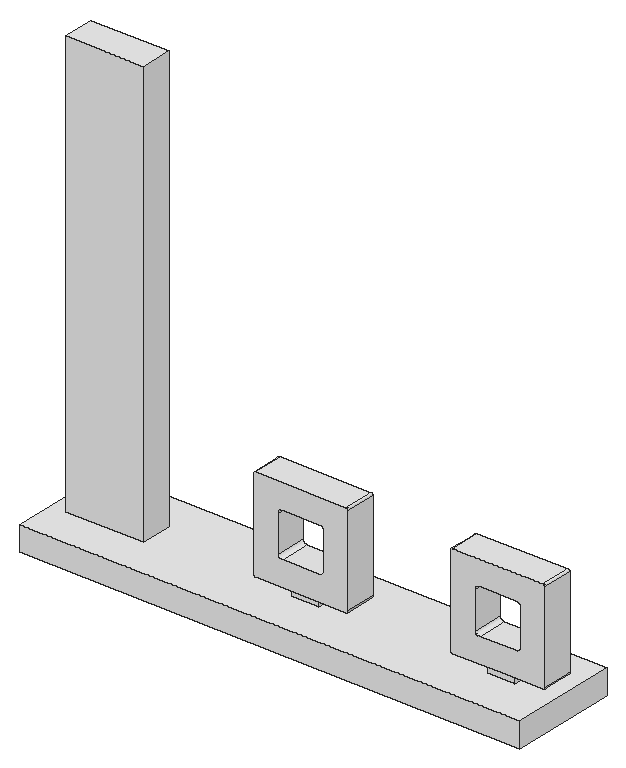
Revit family "Deca_Misturador Lavatório Dot_1874.C.DOT_Parede Horizontal", category Plumbing Fixtures, host Face, Revit 2010
Parameters (values of type "1874.C.DOT.BR_Cromado CR10/Branco BR16")
  WFU = 0
  Vendido Separadamente = ""
  Variações de COR = "Cromado (1874.C.DOT); Cromado/Branco (1874.C.DOT.BR)"  # constant formula
  URL = "www.deca.com.br/produtos"
  Segmento = "Luxo"  # constant formula
  Raio Água Quente = 7.5 mm  # constant formula
  Raio Água Fria = 7.5 mm  # constant formula
  Produto = "Misturador Lavatório Parede Horizontal Dot"  # constant formula
  Pressão = "2 A 40 mca"  # constant formula
  Peso Liquido (Kg) = 5.78  # constant formula
  Norma = "ABNT NBR 14390: 2001"  # constant formula
  Model = Código  # "1874.C.DOT"
  Misturador = Deca CR10 Cromado Metal
  Max-Min [instance] = if(Altura de instalação 170 a 220mm > 220 mm, 220 mm, if(Altura de instalação 170 a 220mm < 170 mm, 170 mm, Altura de instalação 170 a 220mm))  # 200 mm
  Material = "Deca_Latão Cromado e Plástico de Engenharia"  # constant formula
  Manufacturer = "Deca"  # constant formula
  Louça/Metais = "Metal"  # constant formula
  Linha = "Dot"  # constant formula
  Informações Complementares = "Mecanismo: 1/4 de volta"  # constant formula
  HWFU = 0
  Flow Pressure = 0.00 psi
  Diâmetro Água Quente = Raio Água Quente * 2  # 15 mm
  Diâmetro Água Fria = Raio Água Fria * 2  # 15 mm
  Description = "Misturador Lavatório Parede"  # constant formula
  Default Elevation = 800 mm
  Código = "1874.C.DOT"
  Criado por = "Contino/quattroD"  # constant formula
  Consumo = "Varia com a pressão"  # constant formula
  CWFU = 0
  Atendimento ao Cliente = "0800-0117073"  # constant formula
  Assembly Code = "D2020"
  Aprovado por = "Contino/quattroD"  # constant formula
  Altura de instalação 170 a 220mm [instance] = 200 mm
  Acompanha o Produto = "Válvula de escoamento 1601.C"  # constant formula
  Acessório = Deca BR 16 Branco Metal
Types (3, lengths in mm): name | Acessório
  (no name) | Deca BR 16 Branco Metal
  1874.C.DOT_Cromado CR10 | Deca CR10 Cromado Metal
  1874.C.DOT.BR_Cromado CR10/Branco BR16 | Deca BR 16 Branco Metal
Reference planes
  plane 1 "Center (Front/Back)": y = -220.664
  plane 2: z = 0
  plane 3 "Center (Left/Right)": x = -0.012
  plane 4 "Front 1": z = 229.941
  plane 5 "Top 2": y = -20.664
  plane 6 "Top 1": y = -48.164
  plane 7 "Right 1": x = 227.488
  plane 8 "Top 3": y = 6.836
  plane 9 "Left 1": x = -27.512
Forms (mm)
  Extrusion 1, solid, not visible
    sketch origin (0, 0, 0) x (1, 0, 0) y (0, 1, 0)
      loop
        circle (100.357, -20.664) r 7.5
    from 0 to -3.184
  Extrusion 2, solid, not visible
    sketch origin (100, 0, 0) x (1, 0, 0) y (0, 1, 0)
      loop
        circle (100.357, -20.664) r 7.5
    from 0 to -3.184
Dimensions and locks
  plane 4 "Front 1" to host face = 229.941 mm  (x2)
  plane 3 "Center (Left/Right)" to plane 7 "Right 1" = 227.5 mm
  locked: plane 5 "Top 2" to plane 8 "Top 3" at 27.5
  locked: plane 6 "Top 1" to plane 5 "Top 2" at 27.5
  "Max-Min": plane 1 "Center (Front/Back)" to plane 5 "Top 2"
  plane 6 "Top 1" to plane 8 "Top 3" = 55 mm
  plane 9 "Left 1" to plane 7 "Right 1" = 255 mm  (x2)
  plane 8 "Top 3" to plane 6 "Top 1" = 55 mm
  aligned and locked: host face to plane 2
  aligned and locked: level to host face
  aligned and locked: plane 5 "Top 2" to Extrusion 1
  aligned and locked: plane 9 "Left 1" to nested 1
  aligned and locked: nested 1 to plane 7 "Right 1"
  aligned and locked: plane 8 "Top 3" to nested 1
  aligned and locked: plane 6 "Top 1" to nested 1
Automatic sketch dimensions
  host sketch curve to host sketch curve = 585.346 mm
  host sketch curve to host sketch curve = 430.616 mm
  Extrusion 1 sketch curve to Extrusion 1 sketch curve = 0 mm  (x2)
  plane 5 "Top 2" to Extrusion 1 sketch curve = 0 mm
  plane 3 "Center (Left/Right)" to Extrusion 1 sketch curve = 92.87 mm
  Extrusion 1 sketch curve to Extrusion 1 sketch curve = 7.5 mm
  Extrusion 2 sketch curve to Extrusion 2 sketch curve = 0 mm  (x2)
  plane 5 "Top 2" to Extrusion 2 sketch curve = 0 mm
  plane 7 "Right 1" to Extrusion 2 sketch curve = 34.63 mm
  Extrusion 2 sketch curve to Extrusion 2 sketch curve = 7.5 mm
Nested families
  nested 1: "Deca_Shared_Misturador Lavatório Dot_1874.C.DOT_Parede Horizontal" at (-0.012, -20, 0), Misturador <- "Misturador", Acessório <- "Acessório", type "1874.C.DOT_Cromado CR10"
    with Misturador Deca CR10 Cromado Metal, Acessório Deca BR 16 Branco Metal
Connectors
  piping at (100.357, -20.664, -3.184), driven by "Raio Água Quente", driven by "Flow Pressure", driven by "HWFU"
    settings: on Extrusion 1, index 1, connector radius 0.29528", flow factor 0, pipe flow 0 GPM, pressure drop 0.00 psi, fitting loss kfactor 0, connector angle 0.00°, fixture units 0, engagement length 0 mm, flow configuration 3, flow direction 1, fitting loss method 4, system type 19, joint type 0, gender type 0, connector reference index -1, connector utility 0, adjustable connector no, is connector primary yes, fitting loss table "", connector description ""
  piping at (200.357, -20.664, -3.184), driven by "Raio Água Fria", driven by "Flow Pressure", driven by "CWFU"
    settings: on Extrusion 2, index 2, connector radius 0.29528", flow factor 0, pipe flow 0 GPM, pressure drop 0.00 psi, fitting loss kfactor 0, connector angle 0.00°, fixture units 0, engagement length 0 mm, flow configuration 3, flow direction 1, fitting loss method 4, system type 20, joint type 0, gender type 0, connector reference index -1, connector utility 0, adjustable connector no, is connector primary no, fitting loss table "", connector description ""
Definition of nested family "Deca_Shared_Misturador Lavatório Dot_1874.C.DOT_Parede Horizontal"
  Parameters (values of type "1874.C.DOT_Cromado CR10")
    URL = ""
    Type Comments = ""
    Model = ""
    Misturador [instance] = none
    Manufacturer = ""
    Description = ""
    Assembly Code = ""
    Acessório [instance] = none
  Reference planes
    plane 1 "Center (Front/Back)": y = -0.664
    plane 2: z = 0
    plane 3 "Center (Left/Right)": x = 0
    plane 4 "Front 1": z = 230
    plane 5 "Top 1": y = 26.836
    plane 6 "Bottom 1": y = -28.164
    plane 7 "Right 1": x = 227.5
    plane 8 "Left 1": x = -27.5
  Forms (mm)
    Extrusion 1, solid, material <- "Misturador"
      sketch origin (0.025, -0.025, 0) x (1, -0.000175, 0) y (0.000175, 1, 0)
        loop
          line (-20, 7.369) -> (-20, -8.617) -> (20, -8.617) -> (20, 7.369) -> (-20, 7.369)
      from 12.7 to 230
    Extrusion 2, solid, material <- "Acessório"
      sketch origin (0, -0.664, 0) x (1, 0, 0) y (0, 0, 1)
        loop
          arc (90.5, 52.2) -> (89.086, 51.614) -> (88.5, 50.2) r 2
          line (88.5, 50.2) -> (88.5, 31.2)
          arc (88.5, 31.2) -> (89.086, 29.786) -> (90.5, 29.2) r 2
          line (90.5, 29.2) -> (109.5, 29.2)
          arc (109.5, 29.2) -> (110.914, 29.786) -> (111.5, 31.2) r 2
          line (111.5, 31.2) -> (111.5, 50.2)
          arc (111.5, 50.2) -> (110.914, 51.614) -> (109.5, 52.2) r 2
          line (109.5, 52.2) -> (90.5, 52.2)
        loop
          line (76, 63.7) -> (76, 17.7)
          arc (76, 17.7) -> (76.293, 16.993) -> (77, 16.7) r 1
          line (77, 16.7) -> (99.614, 16.7) -> (123, 16.7)
          arc (123, 16.7) -> (123.707, 16.993) -> (124, 17.7) r 1
          line (124, 17.7) -> (124, 63.7)
          arc (124, 63.7) -> (123.707, 64.407) -> (123, 64.7) r 1
          line (123, 64.7) -> (77, 64.7)
          arc (77, 64.7) -> (76.293, 64.407) -> (76, 63.7) r 1
      from -7.75 to 7.75
    Extrusion 3, solid, material <- "Misturador"
      sketch origin (0, -0.664, 0) x (1, 0, 0) y (0, 0, 1)
        loop
          line (-27.5, 12.7) -> (-27.5, 0.04) -> (227.5, 0.04) -> (227.5, 12.7) -> (-27.5, 12.7)
      from -27.492 to 27.5
    Extrusion 4, solid, material <- "Acessório"
      sketch origin (100, -0.164, 0) x (1, 0, 0) y (0, 0, 1)
        loop
          arc (90.5, 52.2) -> (89.086, 51.614) -> (88.5, 50.2) r 2
          line (88.5, 50.2) -> (88.5, 31.2)
          arc (88.5, 31.2) -> (89.086, 29.786) -> (90.5, 29.2) r 2
          line (90.5, 29.2) -> (109.5, 29.2)
          arc (109.5, 29.2) -> (110.914, 29.786) -> (111.5, 31.2) r 2
          line (111.5, 31.2) -> (111.5, 50.2)
          arc (111.5, 50.2) -> (110.914, 51.614) -> (109.5, 52.2) r 2
          line (109.5, 52.2) -> (90.5, 52.2)
        loop
          arc (77, 64.7) -> (76.293, 64.407) -> (76, 63.7) r 1
          line (76, 63.7) -> (76, 17.7)
          arc (76, 17.7) -> (76.293, 16.993) -> (77, 16.7) r 1
          line (77, 16.7) -> (99.614, 16.7) -> (123, 16.7)
          arc (123, 16.7) -> (123.707, 16.993) -> (124, 17.7) r 1
          line (124, 17.7) -> (124, 63.7)
          arc (124, 63.7) -> (123.707, 64.407) -> (123, 64.7) r 1
          line (123, 64.7) -> (77, 64.7)
      from -7.75 to 7.75
    Extrusion 5, solid, material <- "Misturador"
      sketch origin (0, 0, 0) x (1, 0, 0) y (0, 1, 0)
        loop
          line (93, 4.516) -> (93, -5.842) -> (107, -5.842) -> (107, 4.516) -> (93, 4.516)
      from 12.7 to 16.7
    Extrusion 6, solid, material <- "Misturador"
      sketch origin (100, 0, 0) x (1, 0, 0) y (0, 1, 0)
        loop
          line (93, 4.516) -> (93, -5.842) -> (107, -5.842) -> (107, 4.516) -> (93, 4.516)
      from 12.7 to 16.7
  Lines and regions (mm)
    Masking region 1
      outline origin (0, 0, 0) x (1, 0, 0) y (0, 1, 0)
        loop
          line (-27.5, 26.836) -> (-27.5, -28.164) -> (227.5, -28.164) -> (227.5, 26.836) -> (-27.5, 26.836)
    Masking region 2
      outline origin (0, -0.664, 0) x (1, 0, 0) y (0, 0, 1)
        loop
          line (17.893, 230) -> (-17.844, 230)
          arc (-17.844, 230) -> (-19.258, 229.414) -> (-19.844, 228) r 2
          line (-19.844, 228) -> (-19.844, 12.7) -> (-27.5, 12.7) -> (-27.5, 0) -> (227.5, 0) -> (227.5, 12.7) -> (207, 12.7) -> (207, 15.7) -> (223, 15.7)
          arc (223, 15.7) -> (224.414, 16.286) -> (225, 17.7) r 2
          line (225, 17.7) -> (225, 63.7)
          arc (225, 63.7) -> (224.414, 65.114) -> (223, 65.7) r 2
          line (223, 65.7) -> (177, 65.7)
          arc (177, 65.7) -> (175.586, 65.114) -> (175, 63.7) r 2
          line (175, 63.7) -> (175, 17.7)
          arc (175, 17.7) -> (175.586, 16.286) -> (177, 15.7) r 2
          line (177, 15.7) -> (193, 15.7) -> (193, 12.7) -> (107, 12.7) -> (107, 15.7) -> (123, 15.7)
          arc (123, 15.7) -> (124.414, 16.286) -> (125, 17.7) r 2
          line (125, 17.7) -> (125, 63.7)
          arc (125, 63.7) -> (124.414, 65.114) -> (123, 65.7) r 2
          line (123, 65.7) -> (77, 65.7)
          arc (77, 65.7) -> (75.586, 65.114) -> (75, 63.7) r 2
          line (75, 63.7) -> (75, 17.7)
          arc (75, 17.7) -> (75.586, 16.286) -> (77, 15.7) r 2
          line (77, 15.7) -> (93, 15.7) -> (93, 12.7) -> (19.893, 12.7) -> (19.893, 228)
          arc (19.893, 228) -> (19.307, 229.414) -> (17.893, 230) r 2
        loop
          arc (90.5, 52.2) -> (89.086, 51.614) -> (88.5, 50.2) r 2
          line (88.5, 50.2) -> (88.5, 31.2)
          arc (88.5, 31.2) -> (89.086, 29.786) -> (90.5, 29.2) r 2
          line (90.5, 29.2) -> (109.5, 29.2)
          arc (109.5, 29.2) -> (110.914, 29.786) -> (111.5, 31.2) r 2
          line (111.5, 31.2) -> (111.5, 50.2)
          arc (111.5, 50.2) -> (110.914, 51.614) -> (109.5, 52.2) r 2
          line (109.5, 52.2) -> (90.5, 52.2)
        loop
          arc (190.5, 52.2) -> (189.086, 51.614) -> (188.5, 50.2) r 2
          line (188.5, 50.2) -> (188.5, 31.2)
          arc (188.5, 31.2) -> (189.086, 29.786) -> (190.5, 29.2) r 2
          line (190.5, 29.2) -> (209.5, 29.2)
          arc (209.5, 29.2) -> (210.914, 29.786) -> (211.5, 31.2) r 2
          line (211.5, 31.2) -> (211.5, 50.2)
          arc (211.5, 50.2) -> (210.914, 51.614) -> (209.5, 52.2) r 2
          line (209.5, 52.2) -> (190.5, 52.2)
    Masking region 3
      outline origin (0, 0, 0) x (0, 1, 0) y (0, 0, 1)
        loop
          line (7.341, 230) -> (-8.638, 230) -> (-8.638, 219.126) -> (-9.789, 218.923) -> (-9.789, 201.097) -> (-8.638, 200.874) -> (-8.638, 12.7) -> (-28.164, 12.7) -> (-28.164, 0) -> (26.836, 0) -> (26.836, 12.7) -> (7.341, 12.7) -> (7.341, 230)
    symbolic lines
      curve 1: line (75, 7.086, 0) -> (125, 7.086, 0)
      curve 2: line (125, -8.414, 0) -> (75, -8.414, 0)
      curve 3: line (125, 7.086, 0) -> (125, -8.414, 0)
      curve 4: line (75, -8.414, 0) -> (75, 7.086, 0)
      curve 5: line (20, -8.606, 0) -> (20, 7.394, 0)
      curve 6: line (20, 7.394, 0) -> (-20, 7.394, 0)
      curve 7: line (-20, 7.394, 0) -> (-20, -8.606, 0)
      curve 8: line (-20, -8.606, 0) -> (20, -8.606, 0)
      curve 9: line (-9.123, -8.606, 0) -> (-8.82, -9.736, 0)
      curve 10: line (-8.82, -9.736, 0) -> (8.903, -9.736, 0)
      curve 11: line (8.903, -9.736, 0) -> (9.123, -8.606, 0)
      curve 12: spline (-6.168, -9.736, 0) -> (-5.958, -9.899, 0) -> (-5.342, -10.051, 0) -> (-4.362, -10.182, 0) -> (-3.084, -10.282, 0) -> (-1.597, -10.345, 0) -> (0, -10.366, 0) -> (1.597, -10.345, 0) -> (3.084, -10.282, 0) -> (4.362, -10.182, 0) -> (5.342, -10.051, 0) -> (5.958, -9.899, 0) -> (6.168, -9.736, 0)
      curve 13: line (-20, -0.664, 12.7) -> (20, -0.664, 12.7)
      curve 14: line (93, -0.664, 15.7) -> (107, -0.664, 15.7)
      curve 15: line (107, -0.664, 12.7) -> (93, -0.664, 12.7)
      curve 16: line (0, -21.164, 12.7) -> (0, 19.836, 12.7)
      curve 17: line (175, 7.086, 0) -> (225, 7.086, 0)
      curve 18: line (225, -8.414, 0) -> (175, -8.414, 0)
      curve 19: line (225, 7.086, 0) -> (225, -8.414, 0)
      curve 20: line (175, -8.414, 0) -> (175, 7.086, 0)
      curve 21: line (193, -0.664, 15.7) -> (207, -0.664, 15.7)
      curve 22: line (193, -0.664, 12.7) -> (207, -0.664, 12.7)
      curve 23: line (0, -8.638, 219.126) -> (0, -8.638, 200.874)
